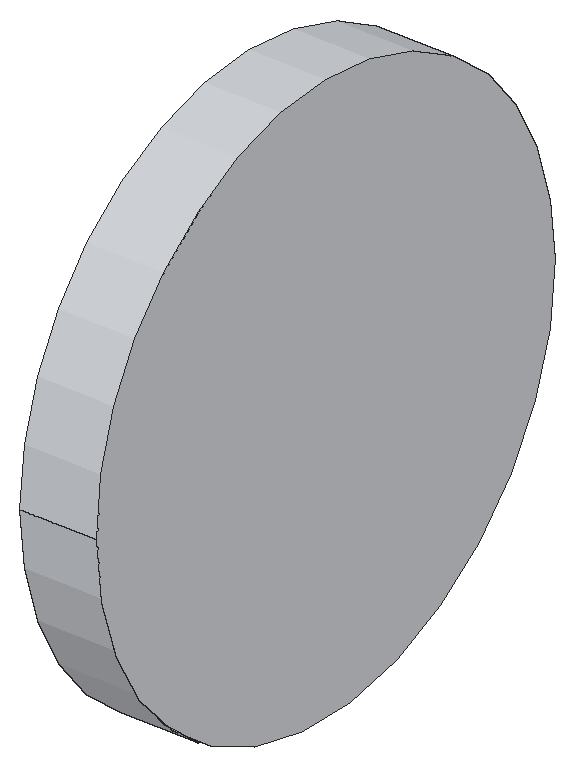
Revit family "f08d450821e94e5c9725d8bdd87df472", category Pipe Fittings, Revit 2021
Family settings
  Round Connector Dimension = Use Radius
  Part Type = Cap
  OmniClass Number = 23.60.30.11.14
  OmniClass Title = Pipework Fittings
  Seek Item ID = Flange - Blind - Steel - Class 300-0000-USA-ENU
  Work Plane-Based = No
  Always vertical = Yes
  Cut with Voids When Loaded = No
  Shared = No
Parameters (values of type "Standard")
  Tick Size [instance] = Flange Outside Diameter * 0.4  # 1.49606"
  Raised Face Thickness [instance] = 1/16"  # constant formula
  Raised Face Radius [instance] = Raised Face Diameter / 2  # 0.68701"
  Raised Face Diameter [instance] = size_lookup(Lookup Table Name, "RFD", 1.11 * Nominal Diameter + 1 47/128", Nominal Diameter)  # 1.37402"
  Nominal Radius [instance] = 1/4"
  Nominal Diameter [instance] = Nominal Radius * 2  # 1/2"
  Loss Method = Not Defined
  Lookup Table Name = "Flange - Blind - Steel - Class 300"
  Flange Thickness [instance] = size_lookup(Lookup Table Name, "FThk", 0.09 * Nominal Diameter + 175/256", Nominal Diameter)  # 1/2"
  Flange Outside Radius [instance] = Flange Outside Diameter / 2  # 1.87008"
  Flange Outside Diameter [instance] = size_lookup(Lookup Table Name, "FOD", 1.37 * Nominal Diameter + 3 29/32", Nominal Diameter)  # 3.74016"
  Default Elevation = 0' - 0"
Reference planes (in)
  plane 1 "Center (Front/Back)": y = 0
  plane 2: z = 0
  plane 3 "Center (Left/Right)": x = 0
  plane 4: x = 0.0625
  plane 5: x = 0.5625
  plane 6: y = 1.49606
  plane 7: y = -1.49606
Forms (in)
  Extrusion 1, solid, detail levels fine
    sketch origin (0, 0, 0) x (0, 1, 0) y (0, 0, 1)
      loop
        circle (0, 0) r 0.68701
    from 0 to 0.0625
  Extrusion 2, solid, detail levels fine
    sketch origin (0, 0, 0) x (0, 1, 0) y (0, 0, 1)
      loop
        circle (0, 0) r 1.87008
    from 0.0625 to 0.5625
Cuts and joins
  joined: Extrusion 1, Extrusion 2
Lines and regions (in)
  model lines, detail levels coarse+medium
    curve 1: line (0, 1.49606, 0) -> (0, -1.49606, 0)
Dimensions and locks (in)
  "Raised Face Thickness": plane 3 "Center (Left/Right)" to plane 4
  "Flange Thickness": plane 4 to plane 5
  equal spacing: plane 6, plane 1 "Center (Front/Back)", plane 7
  "Tick Size": plane 6 to plane 1 "Center (Front/Back)"
  "Raised Face Radius": radius of Extrusion 1 sketch curve
  "Flange Outside Radius": radius of Extrusion 2 sketch curve
  aligned and locked: plane 6 to curve 1
  aligned and locked: plane 7 to curve 1
  aligned and locked: plane 1 "Center (Front/Back)" to Extrusion 1 sketch curve
  aligned and locked: plane 2 to Extrusion 1 sketch curve
  aligned and locked: Extrusion 1 to plane 3 "Center (Left/Right)"
  aligned and locked: plane 4 to Extrusion 1
  aligned and locked: plane 1 "Center (Front/Back)" to Extrusion 2 sketch curve
  aligned and locked: plane 2 to Extrusion 2 sketch curve
  aligned and locked: Extrusion 2 to plane 4
  aligned and locked: plane 5 to Extrusion 2
Automatic sketch dimensions
  curve 1 to plane 6 = 0' - 0"
  curve 1 to plane 3 "Center (Left/Right)" = 0' - 0"
  Extrusion 2 sketch curve to level = 0' - 0"
Connectors (in)
  piping at (0, 0, 0), diameter 0.5, driven by "Nominal Radius"
    settings: on cut or joined group of Extrusion 1, Extrusion 2, index 1, connector inside diameter 1/2", connector length 0' - 0", flow factor 0, pipe flow 0 GPM, pressure drop 0.00 psi, fitting loss kfactor 0, connector angle 0.00°, fixture units 0, engagement length 0' - 0", angle of deflection 0.00°, flow configuration 0, flow direction 0, fitting loss method 0, system type 28, joint type 0, gender type 0, connector reference index -1, connector utility 0, adjustable connector no, is connector primary yes, connector description ""
